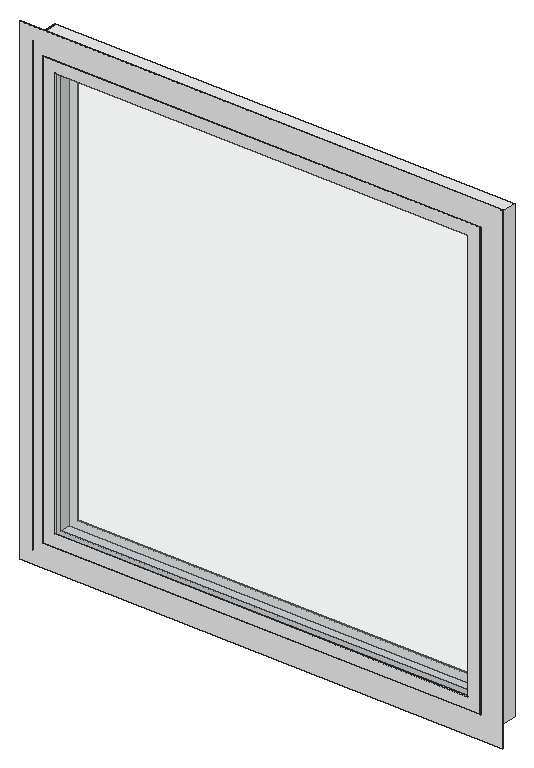
Revit family "Casement_36_A_Top_Hung_Custom", category Windows, host Wall, Revit 2014
Parameters (values of type "Casement_Sash_DG")
  Width Sash [instance] = 30 mm
  Width Sash Inner = 15 mm
  Width Bead = 15 mm
  Top Hung [instance] = yes
  Side Hung Right [instance] = yes
  Side Hung Left [instance] = yes
  Sash Opening Width [instance] = 600 mm
  Sash Opening Height [instance] = 600.312 mm
  Sash Lip = 15 mm
  Glazing Material [instance] = Glass
  DG Start Piece 2 [instance] = DG End Piece 1 + DG Gasket Thickness  # 25 mm
  DG Start Peice 1 [instance] = (Depth Sash - (2 * DG Glazing Thickness) - DG Gasket Thickness) / 2  # 6.6 mm
  Glazing Offset = 5 mm
  DG Glazing Thickness [instance] = 6.4 mm
  DG Gasket Thickness = 12 mm  # constant formula
  DG Gasket Material [instance] = none
  DG End Piece 2 [instance] = DG Start Piece 2 + DG Glazing Thickness  # 31.4 mm
  DG End Piece 1 [instance] = DG Start Peice 1 + DG Glazing Thickness  # 13 mm
  Depth Sash [instance] = 38 mm
  Center Vertical Sash [instance] = Sash Opening Height / 2  # 300.156 mm
  Center Horizontal Sash [instance] = Sash Opening Width / 2  # 300 mm
  Bottom Hung [instance] = yes
  Bead Offset = 15 mm
  Aluminium Thickness = 1 mm
  Aluminium Material [instance] = White Powder Coated Aluminium
Reference planes
  plane 1 "Center (Front/Back)": y = 0
  plane 2: z = 0
  plane 3 "Center (Left/Right)": x = 0
Forms (mm)
  Sweep 1, solid, material "White Powder Coated Aluminium" <- "Aluminium Material"
    path origin (16.177, 0, 121.331) x (1, 0, 0) y (0, 0, 1)
      loop
        line (0, 0) -> (600, 0) -> (600, 600.312) -> (0, 600.312) -> (0, 0)
    profile origin (316.177, 0, 121.331) x (0, 0, 1) y (0, -1, 0)
      loop
        line (0, 0) -> (30, 0) -> (30, 1) -> (15, 1) -> (15, 38) -> (-15, 38) -> (-15, 37) -> (0, 37) -> (0, 0)
      loop
        line (14, 1) -> (14, 37) -> (1, 37) -> (1, 1) -> (14, 1)
  Sweep 2, solid, material "White Powder Coated Aluminium" <- "Aluminium Material"
    path origin (0, 0, 0) x (1, 0, 0) y (0, 0, 1)
      loop
        line (31.177, 706.643) -> (31.177, 136.331) -> (601.177, 136.331) -> (601.177, 706.643) -> (31.177, 706.643)
    profile origin (316.177, 0, 706.643) x (0, 0, 1) y (0, -1, 0)
      loop
        line (0, 37) -> (0, 38) -> (-15, 38) -> (-15, 37) -> (0, 37)
  Extrusion 3, solid, material "Glass" <- "Glazing Material"
    sketch origin (0, 0, 0) x (1, 0, 0) y (0, 0, 1)
      loop
        line (36.177, 701.643) -> (36.177, 141.331) -> (596.177, 141.331) -> (596.177, 701.643) -> (36.177, 701.643)
    from 6.6 <- "DG Start Peice 1" to 13 <- "DG End Piece 1"
  Extrusion 4, solid, material "Glass" <- "Glazing Material"
    sketch origin (0, 0, 0) x (1, 0, 0) y (0, 0, 1)
      loop
        line (36.177, 701.643) -> (36.177, 141.331) -> (596.177, 141.331) -> (596.177, 701.643) -> (36.177, 701.643)
    from 31.4 <- "DG End Piece 2" to 25 <- "DG Start Piece 2"
  Sweep 5, solid, material <- "DG Gasket Material"
    path origin (0, -13, 0) x (1, 0, 0) y (0, 0, 1)
      loop
        line (36.177, 701.643) -> (36.177, 141.331) -> (596.177, 141.331) -> (596.177, 701.643) -> (36.177, 701.643)
    profile origin (316.177, -13, 701.643) x (0, 0, 1) y (0, -1, 0)
      loop
        line (0, 0) -> (0, 12) -> (-7.96, 12) -> (-7.96, 0) -> (0, 0)
Lines and regions (mm)
  model lines
    curve 1: line (1.177, -38, 736.643) -> (31.177, -38, 706.643)
    curve 2: line (601.177, -38, 706.643) -> (631.177, -38, 736.643)
    curve 3: line (601.177, -38, 136.331) -> (631.177, -38, 106.331)
    curve 4: line (1.177, -38, 106.331) -> (31.177, -38, 136.331)
    curve 5: line (631.177, -37, 736.643) -> (616.177, -37, 721.643)
    curve 6: line (1.177, -37, 736.643) -> (16.177, -37, 721.643)
    curve 7: line (1.177, -37, 106.331) -> (16.177, -37, 121.331)
    curve 8: line (631.177, -37, 106.331) -> (616.177, -37, 121.331)
    curve 9: line (616.177, 0, 121.331) -> (586.177, 0, 151.331)
    curve 10: line (46.177, 0, 151.331) -> (16.177, 0, 121.331)
    curve 11: line (616.177, 0, 721.643) -> (586.177, 0, 691.643)
    curve 12: line (46.177, 0, 691.643) -> (16.177, 0, 721.643)
    curve 13: line (31.177, -38, 691.643) -> (46.177, -38, 691.643)
    curve 14: line (586.177, -38, 691.643) -> (601.177, -38, 691.643)
    curve 15: line (586.177, -38, 151.331) -> (601.177, -38, 151.331)
    curve 16: line (31.177, -38, 151.331) -> (46.177, -38, 151.331)
  model lines, style "GenericModelHiddenLines", visible <- "Top Hung"
    curve 17: line (46.386, -31.4, 690.914) -> (316.177, -31.4, 151.331)
    curve 18: line (316.177, -31.4, 151.331) -> (586.177, -31.4, 691.331)
  model lines, style "GenericModelHiddenLines", visible <- "Bottom Hung"
    curve 19: line (46.177, -31.4, 151.331) -> (316.177, -31.4, 691.331)
    curve 20: line (316.177, -31.4, 691.331) -> (586.177, -31.4, 151.331)
  model lines, style "GenericModelHiddenLines", visible <- "Side Hung Left"
    curve 21: line (46.386, -31.4, 690.914) -> (585.24, -31.4, 421.487)
    curve 22: line (585.24, -31.4, 421.487) -> (46.177, -31.4, 151.331)
  model lines, style "GenericModelHiddenLines", visible <- "Side Hung Right"
    curve 23: line (586.177, -31.4, 691.331) -> (46.177, -31.4, 421.487)
    curve 24: line (46.177, -31.4, 421.487) -> (586.177, -31.4, 151.331)
Dimensions and locks
  "Aluminium Thickness": Sweep 1 sketch curve to Sweep 1 sketch curve  (x4)
  "Depth Sash": Sweep 1 sketch curve to Sweep 1 sketch curve
  "Sash Opening Width": Sweep 1 to Sweep 1
  "Sash Opening Height": Sweep 1 to Sweep 1
  "Width Sash": Sweep 1 sketch curve to Sweep 1 sketch curve  (x2)
  "Width Sash Inner": Sweep 1 sketch curve to Sweep 1 sketch curve
  "Sash Lip": Sweep 1 sketch curve to Sweep 1 sketch curve
  "Aluminium Thickness": Sweep 1 to Sweep 2 sketch curve
  "Glazing Offset": Sweep 2 to Extrusion 3 sketch curve  (x3)
  "Glazing Offset": Extrusion 3 sketch curve to Sweep 2
  Sweep 1 to Sweep 1 = 1 mm
  "Aluminium Thickness": Sweep 2 sketch curve to Sweep 2 sketch curve
  "Width Bead": Sweep 2 sketch curve to Sweep 2 sketch curve
  locked: Sweep 5 sketch curve to Sweep 5 sketch curve at 7.96
  "Center Horizontal Sash": Sweep 1 to curve 18
  "Center Horizontal Sash": Sweep 1 to curve 20
  "Center Vertical Sash": Sweep 1 to curve 22
  "Center Vertical Sash": Sweep 1 to curve 24
  aligned and locked: level to plane 2
  aligned and locked: Sweep 1 sketch curve to Sweep 1 sketch curve  (x2)
  aligned and locked: Sweep 2 sketch curve to Sweep 1  (x5)
  aligned and locked: Extrusion 4 sketch curve to Extrusion 3  (x4)
  aligned and locked: Sweep 5 sketch curve to Extrusion 3  (x5)
  aligned and locked: Extrusion 3 to Sweep 5 sketch curve
Automatic sketch dimensions
  plane 3 "Center (Left/Right)" to Sweep 1 sketch curve = 16.177 mm
  level to Sweep 1 sketch curve = 121.331 mm
  plane 3 "Center (Left/Right)" to Sweep 1 sketch curve = 616.177 mm
  level to Sweep 1 sketch curve = 721.643 mm
  profile plane to Sweep 5 sketch curve = 12 mm
  curve 7 to Sweep 1 = 0 mm  (x4)
  curve 6 to Sweep 1 = 0 mm  (x3)
  Sweep 1 to curve 6 = 0 mm
  curve 5 to Sweep 1 = 0 mm  (x3)
  curve 8 to Sweep 1 = 0 mm  (x4)
  Sweep 1 to curve 5 = 0 mm
  curve 16 to Sweep 2 = 0 mm  (x3)
  curve 13 to Sweep 2 = 0 mm  (x3)
  curve 15 to Sweep 2 = 0 mm
  Sweep 2 to curve 15 = 0 mm  (x2)
  curve 14 to Sweep 2 = 0 mm  (x2)
  Sweep 2 to curve 14 = 0 mm
  curve 1 to Sweep 1 = 0 mm  (x4)
  curve 4 to Sweep 1 = 0 mm  (x3)
  Sweep 1 to curve 4 = 0 mm
  curve 3 to Sweep 1 = 0 mm  (x3)
  curve 2 to Sweep 1 = 0 mm  (x4)
  Sweep 1 to curve 3 = 0 mm
  curve 10 to Sweep 1 = 0 mm  (x4)
  curve 12 to Sweep 1 = 0 mm  (x3)
  Sweep 1 to curve 12 = 0 mm
  curve 9 to Sweep 1 = 0 mm  (x4)
  curve 11 to Sweep 1 = 0 mm  (x3)
  Sweep 1 to curve 11 = 0 mm
  Sweep 1 sketch curve to plane 1 "Center (Front/Back)" = 0 mm
  profile plane to Sweep 1 sketch curve = 0 mm
  curve 21 to Extrusion 4 = 10.208 mm
  curve 19 to Extrusion 4 = 10 mm
  curve 23 to Extrusion 4 = 10 mm  (x2)
  curve 22 to Extrusion 4 = 10.937 mm
  curve 20 to Extrusion 4 = 10 mm
  curve 24 to Extrusion 4 = 10 mm
  curve 22 to Extrusion 4 = 10 mm
  curve 18 to Extrusion 4 = 10 mm
  curve 21 to Extrusion 4 = 10.729 mm
  curve 19 to Extrusion 4 = 10.312 mm
  curve 18 to Extrusion 4 = 10.312 mm
